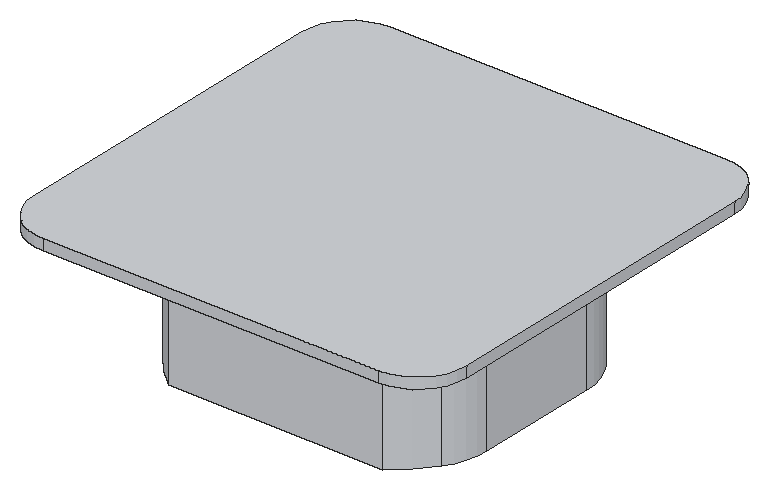
Revit family "Gira_015900", category Electrical Fixtures, host Face, Revit 2017
Family settings
  Host = Face
  Maintain Annotation Orientation = Yes
  Round Connector Dimension = Use Diameter
  Part Type = Normal
  Cut with Voids When Loaded = No
  Shared = No
  Room Calculation Point = No
Parameters (values of type "Wipp-Jal.schalter Einsatz")
  Zusammenstellung = "Basiselement"
  Werkstoffgüte = "sonstige"
  Werkstoff = "sonstige"
  URL = "http://katalog.gira.de/de_DE/datenblatt.html?artikelnr=015900"
  Transparent = "No"
  Textfeld/Beschriftungsfläche = "No"
  Region = "DE"
  Oberfläche = "sonstige"
  Nennspannung = "250 Volt"
  Name = "Wipp-Jal.schalter Einsatz"
  Montageart = "unter Putz"
  Mechanisch bedienbar = "Yes"
  Manufacturer URL = "https://www.gira.de/"
  Keynote = "Einsatz_1fach"
  HeinzeBIM = "https://bimportal.heinze.de/bim/wipp-jal-schalter-einsatz/d8117298205ff86f3a2d33ee6d0d08981ce133c2"
  Halogenfrei = "No"
  HAN = "015900"
  Geeignet für Schutzart (IP) = "IP20"
  GTIN = "4010337159001"
  Farbe = "sonstige"
  Elektronisch bedienbar = "No"
  Elektrische und mechanische Verriegelung = "Yes"
  Default Elevation = 1219.2 mm
  Data sheet (1) = "https://katalog.gira.de/de_DE/download.html?artikelnr=015900"
  Category = "Jalousieschalter/-taster"
  Bemessungsstrom = "10 Ampere"
  Befestigungsart = "Krallen-/Schraubbefestigung"
  Bedienungsart = "Wippe"
  Available = "Yes"
  Ausführung = "Schalter 1-polig"
  Anzahl der Tasten = "2 "
  Anzahl der Module (bei Modulbauweise) = "1 "
Reference planes
  plane 1 "Center (Front/Back)": y = 0
  plane 2: z = 0
  plane 3 "Center (Left/Right)": x = 0
Forms (mm)
  Extrusion 1, solid, detail levels fine
    sketch origin (0, 0, 0) x (1, 0, 0) y (0, 1, 0)
      loop
        line (27.475, 35.475) -> (-27.475, 35.475)
        arc (-27.475, 35.475) -> (-33.132, 33.132) -> (-35.475, 27.475) r 8
        line (-35.475, 27.475) -> (-35.475, -27.475)
        arc (-35.475, -27.475) -> (-33.132, -33.132) -> (-27.475, -35.475) r 8
        line (-27.475, -35.475) -> (27.475, -35.475)
        arc (27.475, -35.475) -> (33.132, -33.132) -> (35.475, -27.475) r 8
        line (35.475, -27.475) -> (35.475, 27.475)
        arc (35.475, 27.475) -> (33.132, 33.132) -> (27.475, 35.475) r 8
    from 0 to 1.8
  Extrusion 2, solid, detail levels fine
    sketch origin (0, 0, 0) x (1, 0, 0) y (0, 1, 0)
      loop
        line (9.678, 25.4) -> (-9.678, 25.4)
        arc (-9.678, 25.4) -> (-12.885, 24.922) -> (-15.814, 23.53) r 11
        arc (-15.814, 23.53) -> (-17.795, 22.07) -> (-19.641, 20.444) r 28.35
        arc (-19.641, 20.444) -> (-21.339, 18.665) -> (-22.876, 16.745) r 28.35
        arc (-22.876, 16.745) -> (-24.456, 13.666) -> (-25, 10.248) r 11
        line (-25, 10.248) -> (-25, -10.248)
        arc (-25, -10.248) -> (-24.456, -13.666) -> (-22.876, -16.745) r 11
        arc (-22.876, -16.745) -> (-20.409, -19.677) -> (-17.569, -22.25) r 28.35
        line (-17.569, -22.25) -> (17.569, -22.25)
        arc (17.569, -22.25) -> (20.409, -19.677) -> (22.876, -16.745) r 28.35
        arc (22.876, -16.745) -> (24.456, -13.666) -> (25, -10.248) r 11
        line (25, -10.248) -> (25, 10.248)
        arc (25, 10.248) -> (24.456, 13.666) -> (22.876, 16.745) r 11
        arc (22.876, 16.745) -> (21.593, 18.37) -> (20.195, 19.897) r 28.35
        arc (20.195, 19.897) -> (18.096, 21.823) -> (15.814, 23.53) r 28.35
        arc (15.814, 23.53) -> (12.885, 24.922) -> (9.678, 25.4) r 11
    from -22 to 0
  Extrusion 3, solid, detail levels medium
    sketch origin (0, 0, 0) x (1, 0, 0) y (0, 1, 0)
      loop
        line (-25, 25.4) -> (-25, -22.25) -> (25, -22.25) -> (25, 25.4) -> (-25, 25.4)
    from -22 to 0
  Extrusion 4, solid, detail levels coarse
    sketch origin (0, 0, 0) x (1, 0, 0) y (0, 1, 0)
      loop
        line (35.475, 35.475) -> (-35.475, 35.475) -> (-35.475, -35.475) -> (35.475, -35.475) -> (35.475, 35.475)
    from -22 to 1.8
  Extrusion 5, solid, detail levels medium
    sketch origin (0, 0, 0) x (1, 0, 0) y (0, 1, 0)
      loop
        line (35.475, 35.475) -> (-35.475, 35.475) -> (-35.475, -35.475) -> (35.475, -35.475) -> (35.475, 35.475)
    from 0 to 1.8
Dimensions and locks
  aligned and locked: plane 2 to host face
  aligned and locked: level to host face
  aligned and locked: plane 3 "Center (Left/Right)" to nested 1
  aligned and locked: plane 1 "Center (Front/Back)" to nested 1
Nested families
  nested 1: "RJ45-Datendose Beschriftung" at (0, 0, 0), type "RJ45-Datendose Beschriftung"
Connectors
  electrical at (0, 0, -22)
    settings: on Extrusion 4, index 1, voltage 220 V, apparent load 0 VA, apparent load phase1 0 VA, apparent load phase2 0 VA, apparent load phase3 0 VA, power factor 1, load classification "Other", number of poles 1, system type 30, power factor state 1, is connector primary yes, connector utility no, sub classification motor no, connector description ""
Definition of nested family "RJ45-Datendose Beschriftung"
  Reference planes
    plane 1: y = 0
    plane 2: x = 0
  Lines and regions (mm)
    Filled region 1, type "Gefüllter Bereich 1"
      outline origin (0, 0, 0) x (1, 0, 0) y (0, 1, 0)
        loop
          circle (0, 2.4) r 0.4
    detail lines
      curve 1: line (0, 0, 0) -> (0, 2, 0)
      curve 2: line (0, 2, 0) -> (1.2, 2, 0)
      curve 3: line (1.2, 2, 0) -> (1.2, 3.6, 0)
      curve 4: circle (0, 2.4, 0) r 0.4 normal (0, 0, 1)
      curve 5: line (0, 2, 0) -> (-1.2, 2, 0)
      curve 6: line (-1.2, 2, 0) -> (-1.2, 3.6, 0)
